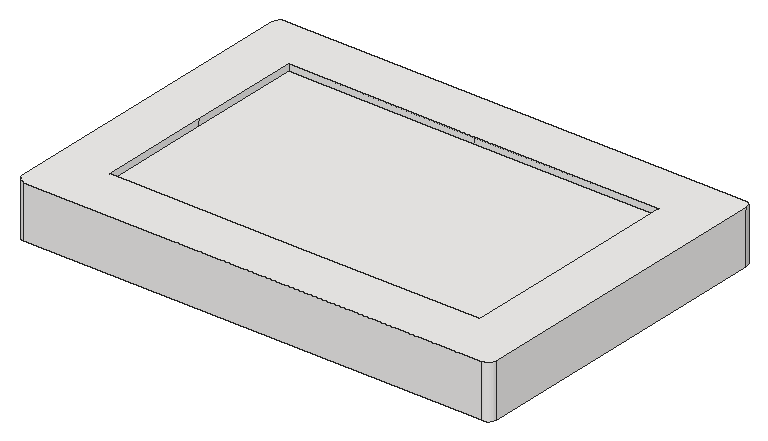
Revit family "Control-Lutron-Athena-Q-TOUCH5", category Lighting Devices, host Face, Revit 2018
Family settings
  Host = Face
  Maintain Annotation Orientation = Yes
  Round Connector Dimension = Use Diameter
  Part Type = Switch
  OmniClass Number = 23.85.80.11.27
  OmniClass Title = Lighting Controls
  Cut with Voids When Loaded = No
  Shared = No
  Room Calculation Point = No
Parameters (values of type "Q-TOUCH5-WH")
  Warranty URL = "http://www.lutron.com/en-US/Service-Support/Pages/Service/Warranty/Warranty.aspx"
  Voltage Comment = "Must be powered by an IEEE 802.3af-2003 or 802.3at-2009 compliant Power over Ethernet (PoE) supply, Lutron model Q-POE-PNL or by others."  # constant formula
  Voltage = 0 V
  Video Link = "https://www.youtube.com/user/LutronElectronicsInc"
  Version = "2018 - v1.0a"  # constant formula
  URL = "http://www.lutron.com"
  Type Comments = ""
  Support Phone = "(224) 699-9545"  # constant formula
  Support Email = "mailto: support@anguleris.com"
  Series = "Athena"  # constant formula
  Product Page URL = "https://www.lutron.com/en-US/products/pages/wholebuildingsystems/athena/overview.aspx"
  Product Name = "Athena Touchscreen"  # constant formula
  Product Documentation Link = "https://www.lutron.com/TechnicalDocumentLibrary/3691201_ENG.pdf"
  Performance URL = "https://www.lutron.com/en-US/pages/supportcenter/support.aspx?productName=Athena&SECTION=Documents&PRDCMP=TRUE&ct=Performance%20Specifications"
  Overall Width = 0' - 5 131/256"  # constant formula
  Overall Height = 0' - 3 105/128"  # constant formula
  Overall Depth = 0' - 0 163/256"  # constant formula
  Model = "Q-TOUCH5-WH"
  Material = ""
  Manufacturer Phone Number = "610-282-3800"  # constant formula
  Manufacturer Fax Number = "610-282-1243"  # constant formula
  Manufacturer Email = "mailto:support@lutron.com"
  Manufacturer Address = "7200 Suter Rd, Coopersburg, PA 18036"  # constant formula
  Manufacturer = "Lutron Electronics Co., Inc"  # constant formula
  Label [instance] = "C"
  Keynote = ""
  Instruction Sheet Link = "https://www.lutron.com/en-US/pages/supportcenter/support.aspx?productName=Athena&SECTION=Documents&PRDCMP=TRUE&ct=Installation%20Guide"
  Finish = Plastic - Lutron - White - Matte
  Environment = "Ambient operating temperature: 32 °F to 104°F (0 °C to 40 °C) 5% to 90% relative humidity (non-condensing). Indoor use only. IP20 Rating"  # constant formula
  Description = "Athena Touchscreen"
  Default Elevation = 5' - 0"
  Cost Info = "mailto:custsvc@lutron.com"
  Cost = 0
  Copyright = "© 2021 Lutron Electronics Co., Inc."  # constant formula
  Assembly Code = "D5020120"
Reference planes (in)
  plane 1 "Center (Front/Back)": y = 0
  plane 2: z = 0
  plane 3 "Center (Left/Right)": x = 0
Forms (in)
  Blend 1, solid, material "Plastic - Lutron - White - Matte" <- "Finish"
    base sketch origin (0, 0, 0) x (1, 0, 0) y (0, 1, 0)
      loop
        line (-1.74805, 0.90395) -> (-1.74805, -0.90395) -> (1.74805, -0.90395) -> (1.74805, 0.90395) -> (-1.74805, 0.90395)
    top sketch origin (0, 0, 0) x (1, 0, 0) y (0, 1, 0)
      loop
        line (1.63867, 0.79304) -> (-1.63867, 0.79304) -> (-1.63867, 0) -> (-1.63867, -0.79304) -> (1.63867, -0.79304) -> (1.63867, 0) -> (1.63867, 0.79304)
    from 0.51961 to 0
  Extrusion 2, solid, material "Plastic - Lutron - White - Matte" <- "Finish"
    sketch origin (0, 0, 0) x (1, 0, 0) y (0, 1, 0)
      loop
        line (-2.75586, 1.81348) -> (-2.75586, -1.81348)
        arc (-2.75586, -1.81348) -> (-2.72754, -1.88184) -> (-2.65919, -1.91016) r 0.09667
        line (-2.65919, -1.91016) -> (2.65919, -1.91016)
        arc (2.65919, -1.91016) -> (2.72754, -1.88184) -> (2.75586, -1.81348) r 0.09667
        line (2.75586, -1.81348) -> (2.75586, 1.81348)
        arc (2.75586, 1.81348) -> (2.72754, 1.88184) -> (2.65919, 1.91016) r 0.09667
        line (2.65919, 1.91016) -> (-2.65919, 1.91016)
        arc (-2.65919, 1.91016) -> (-2.72754, 1.88184) -> (-2.75586, 1.81348) r 0.09667
    from 0.51961 to 1.13108
  Extrusion 3, void
    sketch origin (0, 0, 0) x (1, 0, 0) y (0, 1, 0)
      loop
        line (-2.15358, 1.30161) -> (-2.15358, 0) -> (-2.15358, -1.30161) -> (0, -1.30161) -> (2.15358, -1.30161) -> (2.15358, 0) -> (2.15358, 1.30161) -> (0, 1.30161) -> (-2.15358, 1.30161)
    from 1.05809 to 1.98106
Cuts and joins
  Extrusion 3 cuts Extrusion 2
  joined: Blend 1, Extrusion 2
Lines and regions (in)
  Masking region 1
    outline origin (0, 0, 0) x (1, 0, 0) y (0, 0, 1)
      loop
        line (2.75586, 1.13108) -> (-2.75586, 1.13108) -> (-2.75586, 0.51961) -> (-1.74805, 0.51961) -> (-1.63867, 0) -> (1.63867, 0) -> (1.74805, 0.51961) -> (2.75586, 0.51961) -> (2.75586, 1.13108)
Dimensions and locks (in)
  Extrusion 3 to plane 1 "Center (Front/Back)" = 0' - 1.30161"
  aligned and locked: plane 2 to host face
  aligned and locked: level to host face
  aligned and locked: plane 3 "Center (Left/Right)" to nested 1
  aligned and locked: plane 1 "Center (Front/Back)" to nested 1
Nested families (in)
  nested 1: "Thermostat" at (0, 0, 0), type "Thermostat", detail levels coarse+medium
Connectors (in)
  electrical at (0, 0, 0.51961)
    settings: on cut or joined group of Blend 1, Extrusion 2, Extrusion 3, index 1, voltage 0 V, apparent load 0 VA, apparent load phase1 0 VA, apparent load phase2 0 VA, apparent load phase3 0 VA, power factor 1, load classification "Other", number of poles 1, system type 13, power factor state 1, is connector primary yes, connector utility no, sub classification motor no, connector description "Control Connection"
Definition of nested family "Thermostat"
  Parameters (values of type "Thermostat")
    Label = "T"
  Reference planes (in)
    plane 1: y = 0
    plane 2: x = 0
  Lines and regions (in)
    reference lines
      curve 1: line (0, 0.0625, 0) -> (-0.11983, 0.0625, 0)
      curve 2: line (0.10095, -0.04722, 0) -> (0.10095, 0.09386, 0)
      curve 3: line (0.10095, -0.04722, 0) -> (0.28349, -0.04722, 0)
      curve 4: line (0.10095, 0.04579, 0) -> (0.31014, 0.04579, 0)
    detail lines
      curve 5: circle (0, 0.0625, 0) r 0.06919 normal (0, 0, 1)
  Text (in)
    label "T" at (-0.00021, 0.05048, 0), shows "Label"
  Dimensions and locks (in)
    locked: curve 3 to curve 4 at 0.09301
    locked: plane 1 to curve 1 at 0.0625
